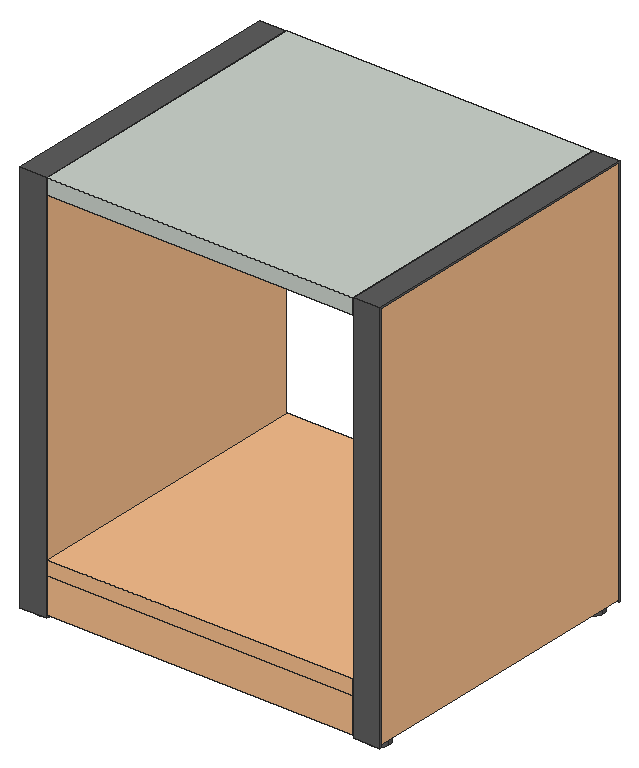
Revit family "Occasional_Table-Novo-Cumberland1", category Furniture, Revit 2014
Parameters (values of type "Type Catalog")
  Width = 18"
  URL = "www.cumberlandfurniture.com"
  Type Comments = "Novo"  # constant formula
  Top Finish [instance] = CUM - Glass, Clear
  Salvage or Reuse = yes
  Percentage of Recycled Content = 0
  Model = "3900"
  Manufacturer = "Cumberland Furniture"  # constant formula
  Low Emitting Material = yes
  Low Emitting Finish = yes
  Leg Finish = CUM - Wood
  Keynote = "12500"
  Height = 20"
  Glides Finish = CUM - Plastic Black
  Frame Finish = CUM - Wood
  Edge Finish = CUM - Plastic Black
  Description = "Side Table 18\"w x 15\"d x 20\"h"
  Depth = 15"
  Base Finish = CUM - Wood
  Base Center = no
  Assembly Code = "E2020200"
Reference planes (in)
  plane 1 "Center Front/Back": y = 0
  plane 2: z = 0
  plane 3 "Center Left/Right": x = 0
  plane 4: x = -9
  plane 5: x = 9
  plane 6: y = 7.5
  plane 7: y = -7.5
  plane 8: z = 20
  plane 9: z = 0.375
  plane 10: x = -7.66078
  plane 11: x = 7.66078
  plane 12: z = 19.21864
  plane 13: z = 2.875
  plane 14: z = 2.125
Forms (in)
  Extrusion 1, solid, material "CUM - Glass, Clear" <- "Top Finish"
    sketch origin (0, -10.25, 19.875) x (-1, 0, 0) y (0, 1, 0)
      loop
        line (7.66078, 2.75) -> (7.66078, 17.75) -> (-7.66078, 17.75) -> (-7.66078, 2.75) -> (7.66078, 2.75)
    from -0.125 to 0.65636
  Sweep 2, solid, material "CUM - Plastic Black" <- "Edge Finish"
    path origin (-9, 19.81301, 48) x (0, 1, 0) y (0, 0, 1)
      loop
        line (-12.31301, -47.75) -> (-12.31301, -28) -> (-27.31301, -28) -> (-27.31301, -47.75)
    profile origin (-9, 0, 20) x (0, 0, -1) y (1, 0, 0)
      loop
        line (0, 0) -> (0.0625, 0) -> (0.0625, 1.3125) -> (0, 1.3125) -> (0, 0)
  Sweep 3, solid, material "CUM - Wood" <- "Base Finish"
    path origin (0, -12, 2.125) x (-1, 0, 0) y (0, -1, 0)
      loop
        line (7.66078, -4.5) -> (-7.66078, -4.5) -> (-7.66078, -19.5) -> (7.66078, -19.5) -> (7.66078, -4.5)
    profile origin (0, -7.5, 2.125) x (0, 1, 0) y (0, 0, 1)
      loop
        line (0, 0) -> (0, -1.75) -> (2.69, -1.75) -> (2.69, 0) -> (0, 0)
  Sweep 4, solid, material "CUM - Plastic Black" <- "Edge Finish"
    path origin (9, 15.62592, 48) x (0, 1, 0) y (0, 0, 1)
      loop
        line (-8.12592, -47.75) -> (-8.12592, -28) -> (-23.12592, -28) -> (-23.12592, -47.75)
    profile origin (9, 0, 20) x (0, 0, 1) y (-1, 0, 0)
      loop
        line (0, 0) -> (0, 1.3125) -> (-0.0625, 1.3125) -> (-0.0625, 0) -> (0, 0)
  Extrusion 5, solid, material "CUM - Wood" <- "Leg Finish"
    sketch origin (-9, 19.81301, 48) x (0, 1, 0) y (0, 0, 1)
      loop
        line (-12.37551, -28.0625) -> (-27.25051, -28.0625) -> (-27.25051, -47.625) -> (-12.37551, -47.625) -> (-12.37551, -28.0625)
    from 0 to 1.33922
  Extrusion 6, solid, material "CUM - Wood" <- "Base Finish"
    sketch origin (0, -10.25, 19.875) x (-1, 0, 0) y (0, -1, 0)
      loop
        line (7.66078, -17.75) -> (7.66078, -2.75) -> (-7.66078, -2.75) -> (-7.66078, -17.75) -> (7.66078, -17.75)
    from -17.75 to -17
  Extrusion 7, solid, material "CUM - Wood" <- "Leg Finish"
    sketch origin (7.75, 15.62592, 48) x (0, 1, 0) y (0, 0, -1)
      loop
        line (-23.06342, 28.0625) -> (-8.18842, 28.0625) -> (-8.18842, 47.625) -> (-23.06342, 47.625) -> (-23.06342, 28.0625)
    from -1.25 to 0.08922
  Extrusion 8, solid, material "CUM - Plastic Black" <- "Glides Finish"
    sketch origin (0, 0, 0) x (1, 0, 0) y (0, 1, 0)
      loop
        circle (-8.33039, 6.70156) r 0.5
      loop
        circle (8.33039, 6.70156) r 0.5
      loop
        circle (-8.33039, -6.70156) r 0.5
      loop
        circle (8.33039, -6.70156) r 0.5
    from 0 to 0.375
  Extrusion 9, solid, material "CUM - Wood" <- "Base Finish", visible <- "Base Center"
    sketch origin (0, -10.25, 19.875) x (-1, 0, 0) y (0, -1, 0)
      loop
        line (-1.375, -15.06) -> (1.375, -15.06) -> (1.375, -5.44) -> (-1.375, -5.44) -> (-1.375, -15.06)
    from -19.5 to -17.75
Lines and regions (in)
  symbolic lines
    curve 1: line (-9, 7.5, 19.875) -> (9, 7.5, 19.875)
    curve 2: line (-9, -7.5, 19.875) -> (-9, 7.5, 19.875)
    curve 3: line (9, -7.5, 19.875) -> (-9, -7.5, 19.875)
    curve 4: line (9, 7.5, 19.875) -> (9, -7.5, 19.875)
    curve 5: line (-7.66078, -7.5, 19.875) -> (-7.66078, 7.5, 19.875)
    curve 6: line (7.66078, 7.5, 19.875) -> (7.66078, -7.5, 19.875)
Dimensions and locks (in)
  equal spacing: plane 4, plane 3 "Center Left/Right", plane 5
  "Width": plane 4 to plane 5
  equal spacing: plane 6, plane 1 "Center Front/Back", plane 7
  "Depth": plane 6 to plane 7
  "Height": plane 2 to plane 8
  plane 2 to plane 9 to plane 14 to plane 13 = 3/8" locked, 1 3/4" locked, 3/4"
  locked: plane 4 to plane 10 at 1.33922
  locked: plane 11 to plane 5 at 1.33922
  locked: plane 10 to Sweep 2 sketch curve at 0.02672
  locked: profile plane to Sweep 2 sketch curve at 0.0625
  locked: plane 12 to plane 8 at 0.78136
  locked: Sweep 3 sketch curve to plane 7 at 2.69
  locked: Sweep 4 sketch curve to profile plane at 0.0625
  equal spacing: plane 4, Extrusion 8 sketch curve, plane 10  (x2)
  equal spacing: plane 11, Extrusion 8 sketch curve, plane 5  (x2)
  locked: plane 6 to Extrusion 8 sketch curve at 0.79844  (x2)
  locked: Extrusion 8 sketch curve to plane 7 at 0.79844  (x2)
  Extrusion 9 sketch curve to plane 3 "Center Left/Right" to Extrusion 9 sketch curve = 1 3/8" locked, 1 3/8" locked
  aligned and locked: level to plane 2
  aligned and locked: Extrusion 1 to plane 8
  aligned and locked: plane 6 to Extrusion 1
  aligned and locked: Extrusion 1 to plane 7
  aligned and locked: plane 5 to curve 4
  aligned and locked: curve 1 to plane 6
  aligned and locked: plane 4 to curve 2
  aligned and locked: plane 7 to curve 3
  aligned and locked: Sweep 2 sketch curve to profile plane
  aligned and locked: plane 8 to Sweep 2 sketch curve
  aligned and locked: plane 12 to Extrusion 1
  aligned and locked: plane 11 to Extrusion 1
  aligned and locked: Extrusion 1 to plane 10
  aligned and locked: Sweep 3 sketch curve to plane 10
  aligned and locked: plane 11 to Sweep 3 sketch curve
  aligned and locked: Sweep 3 sketch curve to plane 7
  aligned and locked: plane 6 to Sweep 3 sketch curve
  aligned and locked: Sweep 3 sketch curve to plane 9
  aligned and locked: Sweep 4 sketch curve to profile plane
  aligned and locked: Sweep 4 sketch curve to plane 7
  aligned and locked: Sweep 4 sketch curve to plane 8
  aligned and locked: plane 6 to Sweep 4 sketch curve
  aligned and locked: Extrusion 5 sketch curve to plane 9
  aligned and locked: Sweep 2 to Extrusion 5 sketch curve
  aligned and locked: Sweep 4 to Extrusion 5 sketch curve
  aligned and locked: Extrusion 5 sketch curve to Sweep 2
  aligned and locked: plane 7 to Sweep 2 sketch curve
  aligned and locked: Extrusion 5 to plane 4
  aligned and locked: plane 10 to Extrusion 5
  aligned and locked: plane 10 to Extrusion 6 sketch curve
  aligned and locked: Extrusion 6 sketch curve to plane 11
  aligned and locked: plane 7 to Extrusion 6 sketch curve
  aligned and locked: Extrusion 6 sketch curve to plane 6
  aligned and locked: plane 14 to Extrusion 6
  aligned and locked: Extrusion 6 to plane 13
  aligned and locked: Sweep 4 to Extrusion 7 sketch curve
  aligned and locked: Extrusion 7 sketch curve to Sweep 4
  aligned and locked: Extrusion 7 sketch curve to plane 9
  aligned and locked: Extrusion 7 to Sweep 4
  aligned and locked: Extrusion 7 to plane 5
  aligned and locked: Extrusion 7 to plane 11
  aligned and locked: curve 5 to Extrusion 1
  aligned and locked: curve 6 to Extrusion 7
  aligned and locked: Extrusion 8 to level
  aligned and locked: Extrusion 8 to plane 9
  aligned and locked: Extrusion 9 sketch curve to Sweep 3  (x2)
  aligned and locked: plane 9 to Extrusion 9
  aligned and locked: Extrusion 9 to plane 14
Automatic sketch dimensions
  Extrusion 1 sketch curve to plane 7 = 0"
  Extrusion 1 sketch curve to plane 11 = 0"
  Extrusion 1 sketch curve to plane 6 = 0"
  Extrusion 1 sketch curve to plane 10 = 0"
  Sweep 2 sketch curve to plane 6 = 0"
  plane 9 to Sweep 2 sketch curve = 1/8"  (x2)
  Sweep 2 sketch curve to plane 4 = 0"
  Sweep 3 sketch curve to profile plane = 0"
  plane 14 to Sweep 3 sketch curve = 0"
  profile plane to Sweep 4 sketch curve = 0"
  Sweep 4 sketch curve to Sweep 4 sketch curve = 1 5/16"
  Sweep 4 sketch curve to plane 9 = 1/8"  (x2)
  Extrusion 7 sketch curve to plane 1 "Center Front/Back" = 7 7/16"
  curve 2 to plane 4 = 0"
  radius of Extrusion 8 sketch curve = 1/2"  (x4)
